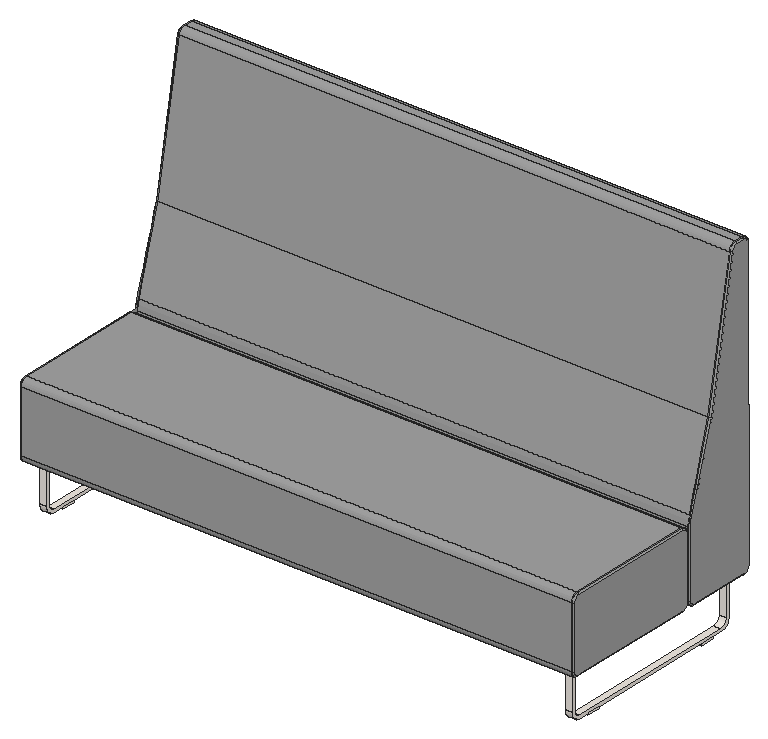
Revit family "Haworth_Riverbend_StraightBench_AP_PRELIMINARY", category Furniture, Revit 2018 (continued)
Definition of nested family "Haworth_Riverbend_StraightBench_Base-PART"
  Dimensions and locks
    aligned and locked: plane 9 "Leg Left - Left of Leg Bracket" to Masking region 1 sketch curve
    aligned and locked: Masking region 1 sketch curve to plane 10 "Leg Left - Right of Leg"
    aligned and locked: plane 14 "Leg Right - Left of Leg" to Masking region 1 sketch curve
    aligned and locked: Masking region 1 sketch curve to plane 12 "Leg Right - Right of Leg Bracket"
    aligned and locked: Extrusion 10 sketch curve to Extrusion 1
  Automatic sketch dimensions
    Extrusion 1 sketch curve to plane 19 "Leg Bracket - Bottom" = 0 mm
    Extrusion 1 sketch curve to Extrusion 1 sketch curve = 3.175 mm  (x2)
    Extrusion 6 sketch curve to plane 14 "Leg Right - Left of Leg" = 0 mm
    Extrusion 6 sketch curve to plane 12 "Leg Right - Right of Leg Bracket" = 0 mm
    Extrusion 7 sketch curve to plane 14 "Leg Right - Left of Leg" = 0 mm
    Extrusion 7 sketch curve to plane 12 "Leg Right - Right of Leg Bracket" = 0 mm
    Extrusion 8 sketch curve to plane 13 "Leg Right - Left of Leg Bracket" = 0 mm
    Extrusion 8 sketch curve to plane 12 "Leg Right - Right of Leg Bracket" = 0 mm
    Extrusion 9 sketch curve to plane 13 "Leg Right - Left of Leg Bracket" = 0 mm
    Extrusion 9 sketch curve to plane 12 "Leg Right - Right of Leg Bracket" = 0 mm
    plane 21 "Foot - Top of Foot" to Extrusion 10 sketch curve = 0 mm
    Extrusion 10 sketch curve to plane 19 "Leg Bracket - Bottom" = 0 mm  (x2)
    Extrusion 10 sketch curve to Extrusion 10 sketch curve = 3.175 mm  (x2)
    Extrusion 2 sketch curve to Extrusion 2 sketch curve = 50.8 mm
    Extrusion 6 sketch curve to Extrusion 6 sketch curve = 50.8 mm
    Extrusion 1 sketch curve to plane 20 "Leg Bottom - Top of Bottom" = 25.4 mm
    Extrusion 4 sketch curve to Extrusion 4 sketch curve = 60.325 mm
    Extrusion 8 sketch curve to Extrusion 8 sketch curve = 60.325 mm
    Extrusion 10 sketch curve to plane 20 "Leg Bottom - Top of Bottom" = 25.4 mm  (x2)
    Extrusion 1 sketch curve to plane 24 "Power Mod - Front" = 54.375 mm
    Extrusion 1 sketch curve to plane 24 "Power Mod - Front" = 28.975 mm
    Extrusion 1 sketch curve to Extrusion 1 sketch curve = 9.525 mm
    plane 24 "Power Mod - Front" to Extrusion 3 sketch curve = 89.375 mm
    Extrusion 3 sketch curve to Extrusion 3 sketch curve = 50.8 mm
    plane 24 "Power Mod - Front" to Extrusion 5 sketch curve = 19.45 mm
    Extrusion 5 sketch curve to Extrusion 5 sketch curve = 60.325 mm
    Extrusion 7 sketch curve to plane 24 "Power Mod - Front" = 89.375 mm
    Extrusion 7 sketch curve to Extrusion 7 sketch curve = 50.8 mm
    Extrusion 9 sketch curve to plane 24 "Power Mod - Front" = 19.45 mm
    Extrusion 9 sketch curve to Extrusion 9 sketch curve = 60.325 mm
    Extrusion 10 sketch curve to plane 24 "Power Mod - Front" = 54.375 mm
    Extrusion 1 sketch curve to plane 6 "Frame Back" = 79.775 mm
    Extrusion 2 sketch curve to plane 6 "Frame Back" = 71.575 mm
    Extrusion 4 sketch curve to plane 6 "Frame Back" = 44.85 mm
    plane 6 "Frame Back" to Extrusion 6 sketch curve = 114.775 mm
    plane 6 "Frame Back" to Extrusion 8 sketch curve = 44.85 mm
  Nested families
    nested 1: "Haworth_Riverbend_PowerModule" at (-1379.801, -294.836, -67.2), visible <- "Power Module", type "Power Module"
  Definition of nested family "Haworth_Riverbend_PowerModule"
    Parameters
      Warranty = "http://www.haworth.com/product-info/warranties"
      URL - Product = "http://www.haworth.com/products/"
      URL = "http://www.haworth.com/"
      Size = "Verify Final Dim. w/ Haworth"  # constant formula
      Revision Number = "1"  # constant formula
      Model = "EUSM"  # constant formula
      Manufacturer = "Haworth"  # constant formula
      Hardware Finish = none
      Front Finish = none
      Description = "Haworth Riverbend - Power Module"  # constant formula
      Author = "Haworth (Bentzen)"  # constant formula
      Assembly Code = "E2020200"
      Actual Width = 165.1 mm  # constant formula
      Actual Height = 47.625 mm  # constant formula
      Actual Depth = 69.85 mm  # constant formula
    Reference planes
      plane 1 "Back": y = 0
      plane 2: z = 0
      plane 3 "Face 4": z = 180.975
      plane 4 "Face Front": y = -69.85
      plane 5 "Bracket - Back": y = -6.35
      plane 6 "Bracket - Front": y = -63.5
      plane 7 "Module - Left": x = 38.401
      plane 8 "Module - Right": x = 178.101
      plane 9 "Left": x = 25.701
      plane 10 "Right": x = 190.801
      plane 11: z = 184.15
      plane 12: z = 136.525
      plane 13: x = 108.251
      plane 14: x = 58.645
      plane 15: x = 79.549
      plane 16: x = 88.361
      plane 17: x = 109.775
      plane 18: x = 132.083
      plane 19: x = 145.888
      plane 20: z = 163.798
      plane 21: z = 148.469
      plane 22: y = -73.025
      plane 23: y = -36.513
      plane 24: z = 184.15
    Forms (mm)
      Extrusion 1, solid, material <- "Hardware Finish"
        sketch origin (0, 0, 0) x (1, 0, 0) y (0, 1, 0)
          loop
            arc (28.876, -6.35) -> (26.631, -7.28) -> (25.701, -9.525) r 3.175
            line (25.701, -9.525) -> (25.701, -60.325)
            arc (25.701, -60.325) -> (26.631, -62.57) -> (28.876, -63.5) r 3.175
            line (28.876, -63.5) -> (187.626, -63.5)
            arc (187.626, -63.5) -> (189.872, -62.57) -> (190.801, -60.325) r 3.175
            line (190.801, -60.325) -> (190.801, -9.525)
            arc (190.801, -9.525) -> (189.872, -7.28) -> (187.626, -6.35) r 3.175
            line (187.626, -6.35) -> (28.876, -6.35)
        from 180.975 to 184.15
      Extrusion 2, solid, material <- "Hardware Finish"
        sketch origin (0, 0, 0) x (1, 0, 0) y (0, 1, 0)
          loop
            arc (39.195, 0) -> (38.634, -0.232) -> (38.401, -0.794) r 0.794
            line (38.401, -0.794) -> (38.401, -63.5)
            arc (38.401, -63.5) -> (40.261, -67.99) -> (44.751, -69.85) r 6.35
            line (44.751, -69.85) -> (171.751, -69.85)
            arc (171.751, -69.85) -> (176.242, -67.99) -> (178.101, -63.5) r 6.35
            line (178.101, -63.5) -> (178.101, -0.794)
            arc (178.101, -0.794) -> (177.869, -0.232) -> (177.308, 0) r 0.794
            line (177.308, 0) -> (39.195, 0)
        from 136.525 to 180.975
      Extrusion 3, solid, material <- "Front Finish"
        sketch origin (0, 0, -629.98) x (1, 0, 0) y (0, 0, 1)
          loop
            line (58.645, 793.778) -> (58.645, 778.449) -> (79.549, 778.449) -> (79.549, 793.778) -> (58.645, 793.778)
        from 69.85 to 73.025
      Extrusion 4, solid, material <- "Front Finish"
        sketch origin (0, 0, -629.98) x (1, 0, 0) y (0, 0, 1)
          loop
            line (88.361, 793.778) -> (88.361, 778.449) -> (109.775, 778.449) -> (109.775, 793.778) -> (88.361, 793.778)
        from 69.85 to 73.025
      Extrusion 5, solid, material <- "Front Finish"
        sketch origin (0, 0, -629.98) x (1, 0, 0) y (0, 0, 1)
          loop
            line (132.083, 793.778) -> (132.083, 778.449) -> (145.888, 778.449) -> (145.888, 793.778) -> (132.083, 793.778)
        from 69.85 to 73.025
    Lines and regions (mm)
      Masking region 1
        outline origin (0, 0, 0) x (1, 0, 0) y (0, 1, 0)
          loop
            arc (28.876, -6.35) -> (26.631, -7.28) -> (25.701, -9.525) r 3.175
            line (25.701, -9.525) -> (25.701, -60.325)
            arc (25.701, -60.325) -> (26.631, -62.57) -> (28.876, -63.5) r 3.175
            line (28.876, -63.5) -> (38.401, -63.5)
            arc (38.401, -63.5) -> (40.261, -67.99) -> (44.751, -69.85) r 6.35
            line (44.751, -69.85) -> (171.751, -69.85)
            arc (171.751, -69.85) -> (176.242, -67.99) -> (178.101, -63.5) r 6.35
            line (178.101, -63.5) -> (187.626, -63.5)
            arc (187.626, -63.5) -> (189.872, -62.57) -> (190.801, -60.325) r 3.175
            line (190.801, -60.325) -> (190.801, -9.525)
            arc (190.801, -9.525) -> (189.872, -7.28) -> (187.626, -6.35) r 3.175
            line (187.626, -6.35) -> (178.101, -6.35) -> (178.101, -0.794)
            arc (178.101, -0.794) -> (177.869, -0.232) -> (177.308, 0) r 0.794
            line (177.308, 0) -> (39.195, 0)
            arc (39.195, 0) -> (38.634, -0.232) -> (38.401, -0.794) r 0.794
            line (38.401, -0.794) -> (38.401, -6.35) -> (28.876, -6.35)
      symbolic lines, detail levels fine
        curve 1: line (38.401, -6.35, 0) -> (178.101, -6.35, 0)
        curve 2: line (178.101, -6.35, 0) -> (178.101, -63.5, 0)
        curve 3: line (178.101, -63.5, 0) -> (38.401, -63.5, 0)
        curve 4: line (38.401, -63.5, 0) -> (38.401, -6.35, 0)
    Dimensions and locks
      "Actual Depth": plane 4 "Face Front" to plane 1 "Back"
      locked: plane 5 "Bracket - Back" to plane 6 "Bracket - Front" at 57.15
      "Actual Width": plane 9 "Left" to plane 10 "Right"
      locked: plane 7 "Module - Left" to plane 8 "Module - Right" at 139.7
      plane 11 to plane 3 "Face 4" = 3.175 mm
      equal spacing: plane 10 "Right", plane 13, plane 9 "Left"
      plane 4 "Face Front" to plane 22 = 3.175 mm
      equal spacing: plane 22, plane 23, plane 1 "Back"
      "Actual Height": plane 11 to plane 12
      plane 24 to plane 2 = 184.15 mm
      aligned and locked: plane 4 "Face Front" to Extrusion 4
    Automatic sketch dimensions
      Extrusion 3 sketch curve to plane 14 = 0 mm
      Extrusion 3 sketch curve to plane 15 = 0 mm
      plane 21 to Extrusion 3 sketch curve = 0 mm
      plane 20 to Extrusion 3 sketch curve = 0 mm
      Extrusion 4 sketch curve to plane 16 = 0 mm
      Extrusion 4 sketch curve to plane 17 = 0 mm
      plane 21 to Extrusion 4 sketch curve = 0 mm
      plane 20 to Extrusion 4 sketch curve = 0 mm
      Extrusion 5 sketch curve to plane 18 = 0 mm
      Extrusion 5 sketch curve to plane 19 = 0 mm
      plane 21 to Extrusion 5 sketch curve = 0 mm
      plane 20 to Extrusion 5 sketch curve = 0 mm
      Masking region 1 sketch curve to plane 5 "Bracket - Back" = 0 mm  (x2)
      Masking region 1 sketch curve to plane 7 "Module - Left" = 0 mm  (x2)
      Masking region 1 sketch curve to plane 6 "Bracket - Front" = 0 mm  (x2)
      plane 1 "Back" to Masking region 1 sketch curve = 0 mm
      Masking region 1 sketch curve to plane 4 "Face Front" = 0 mm
      Masking region 1 sketch curve to plane 8 "Module - Right" = 0 mm  (x2)
      Masking region 1 sketch curve to plane 10 "Right" = 0 mm
      plane 1 "Back" to Masking region 1 sketch curve = 0.794 mm  (x2)
      Masking region 1 sketch curve to plane 10 "Right" = 3.175 mm
      Masking region 1 sketch curve to plane 5 "Bracket - Back" = 3.175 mm
      plane 9 "Left" to Masking region 1 sketch curve = 3.175 mm  (x2)
      Masking region 1 sketch curve to plane 9 "Left" = 0 mm
      curve 4 to plane 7 "Module - Left" = 0 mm
      curve 3 to plane 6 "Bracket - Front" = 0 mm
      curve 1 to plane 5 "Bracket - Back" = 0 mm
      curve 3 to plane 8 "Module - Right" = 0 mm
      Extrusion 1 sketch curve to Extrusion 1 sketch curve = 3.175 mm  (x3)
      Extrusion 1 sketch curve to Extrusion 1 sketch curve = 50.8 mm
      Extrusion 2 sketch curve to Extrusion 2 sketch curve = 0.794 mm
      Extrusion 2 sketch curve to Extrusion 2 sketch curve = 62.706 mm
      Extrusion 1 sketch curve to Extrusion 1 sketch curve = 158.75 mm
      Extrusion 1 sketch curve to Extrusion 1 sketch curve = 0 mm
      Extrusion 2 sketch curve to Extrusion 2 sketch curve = 6.35 mm  (x2)
      Extrusion 2 sketch curve to Extrusion 2 sketch curve = 127 mm
      Extrusion 2 sketch curve to Extrusion 2 sketch curve = 5.556 mm
      Extrusion 1 sketch curve to plane 9 "Left" = 0 mm
      Extrusion 2 sketch curve to plane 7 "Module - Left" = 0 mm
      Extrusion 1 sketch curve to plane 6 "Bracket - Front" = 0 mm
      Extrusion 2 sketch curve to plane 4 "Face Front" = 0 mm
Types (4, lengths in mm): name | Width | Symbolic Line Controler | No Back | Mid Back | Low | High Back | High | Actual Width | Actual Height
  700w x 795d x 720h - Mid Back | 700 | yes | no | yes | yes | no | no | 700 | 390
  1400w x 795d x 720h - High Back | 1400 | yes | no | no | yes | yes | no | 1400 | 390
  1700w x 795d x 720h - No Back | 1700 | no | yes | no | yes | no | no | 1700 | 390
  2000w x 795d x 720h - High Back | 2000 | yes | no | no | no | yes | yes | 2000 | 450
